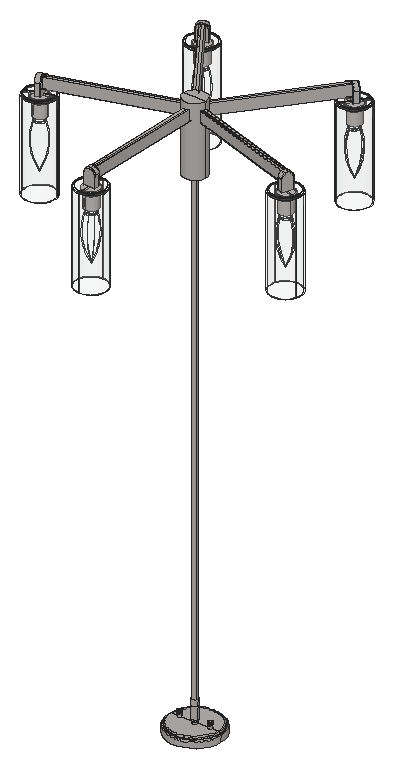
Revit family "Light_Fixture-Chandelier-KOHLER-Crue-K-35878", category Lighting Fixtures, host Face, Revit 2024 (continued)
Definition of nested family "K-35878_Tube"
  Lines and regions (in)
    symbolic lines, detail levels medium+fine
      curve 259: line (0, -1.26226, 1.25267) -> (0, -1.26226, 1.09792)
      curve 260: line (0, -1.24135, 1.2239) -> (0, -1.24135, 1.1267)
      curve 261: line (0, -1.23668, 1.2239) -> (0, -1.23668, 1.1267)
      curve 262: line (0, -1.21848, 1.2239) -> (0, -1.21848, 1.1267)
      curve 263: line (0, -1.21553, 1.1267) -> (0, -1.21553, 1.2239)
      curve 264: line (0, -1.20053, 1.2239) -> (0, -1.20053, 1.1267)
      curve 265: line (0, -1.18873, 1.22098) -> (0, -1.18873, 1.12962)
      curve 266: arc (0, -1.36246, 1.2239) -> (0, -1.36658, 1.2404) -> (0, -1.37795, 1.25303) r 0.03514
      curve 267: arc (0, -1.35841, 1.2239) -> (0, -1.35524, 1.2402) -> (0, -1.3462, 1.25412) r 0.04351
      curve 268: arc (0, -1.32939, 1.2239) -> (0, -1.33388, 1.24119) -> (0, -1.3462, 1.25412) r 0.03558
      curve 269: arc (0, -1.32423, 1.2239) -> (0, -1.32207, 1.24031) -> (0, -1.31574, 1.25559) r 0.06339
      curve 270: arc (0, -1.29619, 1.2239) -> (0, -1.30147, 1.24252) -> (0, -1.31574, 1.25559) r 0.03547
      curve 271: arc (0, -1.293, 1.2239) -> (0, -1.29158, 1.24008) -> (0, -1.28738, 1.25577) r 0.09318
      curve 272: arc (0, -1.26693, 1.2239) -> (0, -1.27248, 1.24283) -> (0, -1.28738, 1.25577) r 0.03506
      curve 273: arc (0, -1.24135, 1.2239) -> (0, -1.24713, 1.24168) -> (0, -1.26226, 1.25267) r 0.03025
      curve 274: arc (0, -1.23668, 1.2239) -> (0, -1.23808, 1.2399) -> (0, -1.24224, 1.25541) r 0.09212
      curve 275: arc (0, -1.24224, 1.25541) -> (0, -1.22509, 1.24363) -> (0, -1.21848, 1.2239) r 0.03277
      curve 276: arc (0, -1.21553, 1.2239) -> (0, -1.2176, 1.2396) -> (0, -1.22366, 1.25422) r 0.06064
      curve 277: arc (0, -1.20053, 1.2239) -> (0, -1.20697, 1.24297) -> (0, -1.22366, 1.25422) r 0.03144
      curve 278: arc (0, -1.20053, 1.2239) -> (0, -1.20276, 1.24083) -> (0, -1.20929, 1.2566) r 0.0654
      curve 279: arc (0, -1.18873, 1.22098) -> (0, -1.19297, 1.24228) -> (0, -1.20929, 1.2566) r 0.03379
      curve 280: arc (0, -1.36246, 1.1267) -> (0, -1.36658, 1.1102) -> (0, -1.37795, 1.09756) r 0.03514
      curve 281: arc (0, -1.35841, 1.1267) -> (0, -1.35524, 1.1104) -> (0, -1.3462, 1.09647) r 0.04351
      curve 282: arc (0, -1.32939, 1.1267) -> (0, -1.33388, 1.1094) -> (0, -1.3462, 1.09647) r 0.03558
      curve 283: arc (0, -1.32423, 1.1267) -> (0, -1.32207, 1.11029) -> (0, -1.31574, 1.095) r 0.06339
      curve 284: arc (0, -1.29619, 1.1267) -> (0, -1.30147, 1.10808) -> (0, -1.31574, 1.095) r 0.03547
      curve 285: arc (0, -1.293, 1.1267) -> (0, -1.29158, 1.11051) -> (0, -1.28738, 1.09483) r 0.09318
      curve 286: arc (0, -1.26693, 1.1267) -> (0, -1.27248, 1.10776) -> (0, -1.28738, 1.09483) r 0.03506
      curve 287: arc (0, -1.24135, 1.1267) -> (0, -1.24713, 1.10891) -> (0, -1.26226, 1.09792) r 0.03025
      curve 288: arc (0, -1.23668, 1.1267) -> (0, -1.23808, 1.1107) -> (0, -1.24224, 1.09519) r 0.09212
      curve 289: arc (0, -1.24224, 1.09519) -> (0, -1.22509, 1.10697) -> (0, -1.21848, 1.1267) r 0.03277
      curve 290: arc (0, -1.21553, 1.1267) -> (0, -1.2176, 1.111) -> (0, -1.22366, 1.09637) r 0.06064
      curve 291: arc (0, -1.20053, 1.1267) -> (0, -1.20697, 1.10763) -> (0, -1.22366, 1.09637) r 0.03144
      curve 292: arc (0, -1.20053, 1.1267) -> (0, -1.20276, 1.10977) -> (0, -1.20929, 1.09399) r 0.0654
      curve 293: arc (0, -1.18873, 1.12962) -> (0, -1.19297, 1.10831) -> (0, -1.20929, 1.09399) r 0.03379
      curve 294: line (0, 0.18701, 0.93946) -> (0, -0.1866, 0.93946)
  Dimensions and locks (in)
    plane 6 to plane 5 = 4.72441"
    plane 7 to plane 8 = 4.72441"
    plane 9 to level = 0.7874"  (x2)
    plane 10 to level = 2.67717"  (x2)
    "Tube Height": plane 12 to level
    aligned and locked: level to plane 2
    aligned and locked: plane 12 to Revolve 5 sketch curve
    aligned and locked: Masking region 1 sketch curve to Masking region 1 sketch curve
    aligned and locked: Revolve 5 to Masking region 1 sketch curve
  Automatic sketch dimensions
    curve 115 to plane 6 = 0"
    curve 119 to plane 9 = 0"
    curve 238 to plane 17 = 0"
    curve 266 to plane 17 = 0"
    curve 118 to plane 9 = 0"
    curve 123 to plane 10 = 0"
    curve 117 to plane 9 = 0"
    curve 154 to plane 16 = 0"
    curve 140 to plane 16 = 0"
    curve 115 to plane 5 = 0"
    curve 223 to plane 17 = 0.18922"
    curve 237 to curve 229 = 0.01109"
    curve 223 to curve 243 = 0.01109"
    curve 243 to curve 222 = 0.00072"
    curve 222 to curve 221 = 0.015"
    curve 221 to curve 220 = 0.00295"
    curve 220 to curve 237 = 0.00374"
    curve 220 to curve 251 = 0.00374"
    curve 251 to curve 249 = 0.00975"
    curve 237 to curve 235 = 0.00975"
    curve 249 to curve 219 = 0.00471"
    curve 219 to curve 218 = 0.00467"
    curve 218 to curve 247 = 0.0099"
    curve 218 to curve 233 = 0.0099"
    curve 247 to curve 241 = 0.00958"
    curve 233 to curve 227 = 0.00958"
    curve 227 to curve 217 = 0.00142"
    curve 241 to curve 250 = 0.0051"
    curve 227 to curve 236 = 0.0051"
    curve 250 to curve 216 = 0.00099"
    curve 216 to curve 245 = 0.00468"
    curve 216 to curve 231 = 0.00468"
    curve 231 to curve 234 = 0.00457"
    curve 245 to curve 248 = 0.00457"
    curve 248 to curve 215 = 0.01682"
    curve 215 to curve 214 = 0.0032"
    curve 214 to curve 244 = 0.0058"
    curve 214 to curve 230 = 0.0058"
    curve 244 to curve 239 = 0.01291"
    curve 230 to curve 225 = 0.01291"
    curve 239 to curve 213 = 0.00933"
    curve 213 to curve 246 = 0.00457"
    curve 213 to curve 232 = 0.00457"
    curve 246 to curve 212 = 0.00059"
    curve 212 to curve 242 = 0.00228"
    curve 226 to curve 228 = 0.00228"
    curve 280 to plane 17 = 0.01965"
    curve 266 to plane 17 = 0.01965"
    curve 266 to curve 211 = 0.00011"
    curve 211 to curve 210 = 0.00405"
    curve 210 to curve 240 = 0.00251"
    curve 210 to curve 226 = 0.00251"
    plane 17 to curve 268 = 0.01298"
    plane 17 to curve 282 = 0.01298"
    curve 268 to curve 252 = 0.00251"
    curve 266 to curve 253 = 0.00405"
    curve 253 to curve 224 = 0.00011"
    curve 281 to curve 238 = 0.00011"
    curve 224 to curve 270 = 0.02664"
    curve 238 to curve 284 = 0.02664"
    curve 284 to curve 254 = 0.00228"
    curve 254 to curve 274 = 0.00059"
    curve 282 to curve 288 = 0.00059"
    curve 288 to curve 255 = 0.00457"
    curve 283 to curve 281 = 0.00933"
    curve 269 to curve 267 = 0.00933"
    curve 281 to curve 286 = 0.01291"
    curve 267 to curve 272 = 0.01291"
    curve 286 to curve 256 = 0.0058"
    curve 256 to curve 257 = 0.0032"
    curve 257 to curve 276 = 0.01682"
    curve 285 to curve 290 = 0.01682"
    curve 290 to curve 287 = 0.00457"
    curve 276 to curve 273 = 0.00457"
    curve 273 to curve 258 = 0.00468"
    curve 258 to curve 278 = 0.00099"
    curve 286 to curve 292 = 0.00099"
    curve 292 to curve 259 = 0.00368"
    curve 278 to curve 269 = 0.0051"
    curve 292 to curve 283 = 0.0051"
    curve 283 to curve 289 = 0.00958"
    curve 269 to curve 275 = 0.00958"
    curve 275 to curve 260 = 0.0099"
    curve 260 to curve 261 = 0.00467"
    curve 261 to curve 277 = 0.00471"
    curve 288 to curve 291 = 0.00471"
    curve 277 to curve 279 = 0.00975"
    curve 291 to curve 293 = 0.00975"
    curve 293 to curve 262 = 0.00374"
    curve 289 to curve 263 = 0.00295"
    curve 263 to curve 264 = 0.015"
    curve 264 to curve 271 = 0.00072"
    curve 292 to curve 285 = 0.00072"
    curve 285 to curve 265 = 0.01109"
    plane 16 to curve 181 = 0.18922"
    curve 209 to curve 201 = 0.01109"
    curve 181 to curve 187 = 0.01109"
    curve 187 to curve 180 = 0.00072"
    curve 180 to curve 179 = 0.015"
    curve 179 to curve 178 = 0.00295"
    curve 178 to curve 195 = 0.00374"
    curve 178 to curve 209 = 0.00374"
    curve 195 to curve 193 = 0.00975"
    curve 209 to curve 207 = 0.00975"
    curve 193 to curve 177 = 0.00471"
    curve 177 to curve 176 = 0.00467"
    curve 189 to curve 191 = 0.0099"
    curve 176 to curve 205 = 0.0099"
    curve 191 to curve 185 = 0.00958"
    curve 205 to curve 199 = 0.00958"
    curve 199 to curve 175 = 0.00142"
    curve 185 to curve 194 = 0.0051"
    curve 199 to curve 208 = 0.0051"
    curve 208 to curve 174 = 0.00099"
    curve 174 to curve 189 = 0.00468"
    curve 174 to curve 203 = 0.00468"
    curve 189 to curve 192 = 0.00457"
    curve 203 to curve 206 = 0.00457"
    curve 192 to curve 173 = 0.01682"
    curve 173 to curve 172 = 0.0032"
    curve 172 to curve 188 = 0.0058"
    curve 172 to curve 202 = 0.0058"
    curve 202 to curve 197 = 0.01291"
    curve 188 to curve 183 = 0.01291"
    curve 183 to curve 171 = 0.00933"
    curve 171 to curve 204 = 0.00457"
    curve 171 to curve 190 = 0.00457"
    curve 204 to curve 170 = 0.00059"
    curve 170 to curve 186 = 0.00228"
    curve 170 to curve 200 = 0.00228"
    plane 16 to curve 140 = 0.01965"
    plane 16 to curve 154 = 0.01965"
    curve 140 to curve 169 = 0.00011"
    curve 169 to curve 168 = 0.00405"
    curve 168 to curve 198 = 0.00251"
    curve 168 to curve 184 = 0.00251"
    curve 142 to plane 16 = 0.01298"
    curve 156 to plane 16 = 0.01298"
    curve 142 to curve 126 = 0.00251"
    curve 154 to curve 127 = 0.00405"
    curve 155 to curve 196 = 0.00011"
    curve 127 to curve 182 = 0.00011"
    curve 182 to curve 144 = 0.02664"
    curve 196 to curve 158 = 0.02664"
    curve 144 to curve 128 = 0.00228"
    curve 156 to curve 162 = 0.00059"
    curve 128 to curve 148 = 0.00059"
    curve 162 to curve 129 = 0.00457"
    curve 129 to curve 141 = 0.00933"
    curve 157 to curve 155 = 0.00933"
    curve 155 to curve 160 = 0.01291"
    curve 141 to curve 146 = 0.01291"
    curve 146 to curve 130 = 0.0058"
    curve 158 to curve 131 = 0.0032"
    curve 159 to curve 164 = 0.01682"
    curve 145 to curve 150 = 0.01682"
    curve 164 to curve 161 = 0.00457"
    curve 150 to curve 147 = 0.00457"
    curve 161 to curve 132 = 0.00468"
    curve 160 to curve 166 = 0.00099"
    curve 132 to curve 152 = 0.00099"
    curve 152 to curve 133 = 0.00368"
    curve 166 to curve 157 = 0.0051"
    curve 152 to curve 143 = 0.0051"
    curve 143 to curve 149 = 0.00958"
    curve 157 to curve 163 = 0.00958"
    curve 163 to curve 134 = 0.0099"
    curve 134 to curve 135 = 0.00467"
    curve 162 to curve 165 = 0.00471"
    curve 135 to curve 151 = 0.00471"
    curve 151 to curve 153 = 0.00975"
    curve 165 to curve 167 = 0.00975"
    curve 167 to curve 136 = 0.00374"
    curve 163 to curve 137 = 0.00295"
    curve 137 to curve 138 = 0.015"
    curve 165 to curve 159 = 0.00072"
    curve 138 to curve 145 = 0.00072"
    curve 145 to curve 139 = 0.01109"
    plane 9 to curve 175 = 0.31052"
    plane 9 to curve 217 = 0.31052"
    curve 259 to curve 245 = 0.02877"
    curve 133 to curve 203 = 0.02877"
    curve 209 to curve 203 = 0.00149"
    curve 293 to curve 287 = 0.00149"
    curve 167 to curve 161 = 0.00149"
    curve 251 to curve 245 = 0.00149"
    curve 255 to curve 287 = 0"
    curve 254 to curve 255 = 0"  (x2)
    curve 282 to curve 253 = 0"
    curve 282 to curve 252 = 0"
    curve 167 to curve 137 = 0.00149"
    curve 281 to curve 256 = 0"
    curve 136 to curve 137 = 0"
    curve 250 to curve 245 = 0"
    curve 284 to curve 257 = 0"
    curve 203 to curve 154 = 0"
    curve 287 to curve 258 = 0"
    curve 155 to curve 164 = 0"
    curve 156 to curve 126 = 0"
    curve 287 to curve 261 = 0"
    curve 157 to curve 163 = 0"
    curve 283 to curve 289 = 0"
    curve 158 to curve 128 = 0"
    curve 161 to curve 135 = 0"
    curve 164 to curve 159 = 0"
    curve 160 to curve 130 = 0"
    curve 289 to curve 263 = 0"
    curve 264 to curve 285 = 0"
    curve 160 to curve 166 = 0"
    curve 154 to curve 169 = 0"
    curve 197 to curve 171 = 0"
    curve 245 to curve 248 = 0"
    curve 172 to curve 197 = 0"
    curve 173 to curve 200 = 0"
    curve 174 to curve 203 = 0"
    curve 218 to curve 247 = 0"
    curve 246 to curve 280 = 0"
    curve 177 to curve 203 = 0"
    curve 209 to curve 178 = 0.00149"
    curve 179 to curve 205 = 0"
    curve 201 to curve 180 = 0"
    curve 248 to curve 244 = 0"
    curve 243 to curve 249 = 0"
    curve 246 to curve 242 = 0"
    curve 241 to curve 250 = 0"
    curve 210 to curve 240 = 0"
    curve 239 to curve 241 = 0"
    curve 168 to curve 198 = 0"
    curve 201 to curve 181 = 0.00292"
    curve 285 to curve 265 = 0.00292"
    curve 159 to curve 139 = 0.00292"
    curve 243 to curve 223 = 0.00292"
    curve 181 to curve 181 = 0.09136"
    curve 265 to curve 265 = 0.09136"
    curve 139 to curve 139 = 0.09136"
    curve 223 to curve 223 = 0.09136"
    curve 240 to curve 212 = 0.0972"
    curve 131 to curve 131 = 0.0972"
    curve 213 to curve 212 = 0"
    curve 214 to curve 227 = 0"
    curve 181 to curve 191 = 0.00292"
    curve 215 to curve 214 = 0"
    curve 145 to curve 132 = 0"
    curve 227 to curve 216 = 0"
    curve 132 to curve 134 = 0"
    curve 191 to curve 190 = 0"
    curve 218 to curve 227 = 0"
    curve 134 to curve 135 = 0"
    curve 219 to curve 218 = 0"
    curve 220 to curve 219 = 0"
    curve 191 to curve 189 = 0"
    curve 135 to curve 136 = 0"
    curve 221 to curve 233 = 0"
    curve 229 to curve 222 = 0"
    curve 189 to curve 192 = 0"
    curve 194 to curve 189 = 0"
    curve 226 to curve 224 = 0"
    curve 149 to curve 137 = 0"
    curve 225 to curve 227 = 0"
    curve 138 to curve 145 = 0"
    curve 190 to curve 140 = 0"
    curve 141 to curve 146 = 0"
    curve 142 to curve 126 = 0"
    curve 152 to curve 143 = 0"
    curve 144 to curve 142 = 0"
    curve 192 to curve 188 = 0"
    curve 187 to curve 180 = 0"
    curve 190 to curve 186 = 0"
    curve 185 to curve 194 = 0"
    curve 168 to curve 184 = 0"
    curve 183 to curve 185 = 0"
    curve 265 to curve 278 = 0.00292"
    curve 253 to curve 224 = 0"
    curve 254 to curve 267 = 0"
    curve 276 to curve 278 = 0"
    curve 267 to curve 256 = 0"
    curve 256 to curve 257 = 0"
    curve 258 to curve 278 = 0"
    curve 269 to curve 275 = 0"
    curve 260 to curve 277 = 0"
    curve 260 to curve 261 = 0"
    curve 149 to curve 153 = 0.00149"
    curve 178 to curve 195 = 0.00149"
    curve 220 to curve 237 = 0.00149"
    curve 275 to curve 279 = 0.00149"
    curve 114 to plane 6 = 0.05906"
    curve 116 to plane 9 = 0.05906"
    curve 116 to plane 15 = 0.19551"
    curve 119 to plane 17 = 0.15965"
    curve 119 to curve 122 = 0.00973"
    plane 17 to curve 119 = 0.13492"
    curve 119 to curve 122 = 0.01647"
    plane 1 "Light Source Axis (F/B)" to curve 125 = 0.25618"
    curve 124 to curve 125 = 0"
    plane 1 "Light Source Axis (F/B)" to curve 118 = 0.23622"
    curve 118 to curve 120 = 0.04921"
    curve 120 to curve 294 = 0.00041"
    plane 1 "Light Source Axis (F/B)" to curve 123 = 0.18403"
    curve 123 to plane 1 "Light Source Axis (F/B)" = 0.18403"
    curve 294 to plane 1 "Light Source Axis (F/B)" = 0.18701"
    plane 9 to curve 120 = 0.03937"
    curve 120 to curve 294 = 0"
    curve 120 to curve 118 = 0.04921"
    curve 124 to plane 1 "Light Source Axis (F/B)" = 0.24606"
    curve 124 to curve 125 = 0.01005"
    plane 16 to curve 117 = 0.18395"
    curve 117 to curve 121 = 0.03255"
    curve 117 to plane 16 = 0.13492"
    curve 117 to curve 121 = 0.01647"
    curve 116 to plane 14 = 0.19551"
    curve 114 to plane 5 = 0.05906"
    curve 114 to curve 116 = 0.1378"
    curve 115 to curve 114 = 0.05906"
    plane 9 to curve 122 = 0.02286"
    plane 9 to curve 121 = 0.02286"
    curve 120 to curve 294 = 0.11269"
    curve 125 to plane 10 = 0.47244"
    curve 125 to curve 124 = 0.03183"
    curve 15 to curve 68 = 0"  (x2)
    curve 2 to plane 7 = 0"
    curve 20 to plane 10 = 0"
    curve 4 to plane 9 = 0"
    curve 111 to plane 3 "Light Source Axis (L/R)" = 0"
    curve 90 to plane 3 "Light Source Axis (L/R)" = 0"
    plane 8 to curve 2 = 0"
    plane 9 to curve 8 = 0.13388"
    curve 8 to plane 3 "Light Source Axis (L/R)" = 0.4944"
    curve 7 to plane 3 "Light Source Axis (L/R)" = 0.19625"
    curve 26 to curve 23 = 0.0099"
    curve 10 to curve 10 = 0.01575"
    curve 23 to curve 40 = 0.01259"
    curve 40 to curve 24 = 0.00308"
    curve 24 to curve 11 = 0.00748"
    curve 24 to curve 26 = 0.00949"
    curve 11 to curve 25 = 0.00834"
    plane 9 to curve 113 = 0.01699"
    curve 113 to plane 3 "Light Source Axis (L/R)" = 0.15195"
    curve 30 to curve 41 = 0.00308"
    curve 41 to curve 27 = 0.00758"
    curve 41 to curve 31 = 0.00758"
    curve 27 to curve 42 = 0.00379"
    curve 9 to curve 9 = 0.01219"
    curve 42 to curve 35 = 0.00121"
    curve 35 to curve 33 = 0.00039"
    curve 37 to curve 29 = 0.00039"
    curve 29 to curve 47 = 0.00606"
    curve 47 to curve 32 = 0.01666"
    curve 56 to curve 28 = 0.01666"
    curve 28 to curve 46 = 0.00133"
    curve 32 to curve 38 = 0.00643"
    curve 28 to curve 36 = 0.00643"
    curve 38 to curve 50 = 0.00119"
    curve 49 to curve 56 = 0.0056"
    curve 61 to curve 60 = 0.0056"
    curve 60 to curve 63 = 0.0088"
    curve 56 to curve 44 = 0.0088"
    curve 63 to curve 48 = 0.00414"
    curve 63 to curve 51 = 0.0084"
    curve 45 to curve 37 = 0.00413"
    curve 62 to curve 39 = 0.00413"
    curve 39 to curve 61 = 0.00289"
    curve 37 to curve 49 = 0.00289"
    curve 61 to curve 34 = 0.00088"
    curve 49 to curve 30 = 0.00088"
    curve 30 to curve 45 = 0.01902"
    curve 61 to curve 62 = 0.0199"
    curve 48 to curve 59 = 0.03145"
    curve 45 to curve 52 = 0.00349"
    curve 44 to curve 58 = 0.00101"
    curve 52 to curve 64 = 0.00101"
    curve 64 to curve 53 = 0.00182"
    curve 65 to curve 111 = 0.01544"
    curve 57 to plane 3 "Light Source Axis (L/R)" = 0.02432"
    curve 57 to curve 90 = 0.0017"
    curve 111 to curve 54 = 0.01724"
    curve 54 to curve 55 = 0.00401"
    curve 66 to curve 65 = 0.0059"
    plane 3 "Light Source Axis (L/R)" to curve 110 = 0.00985"
    curve 110 to curve 102 = 0.0059"
    curve 102 to curve 101 = 0.00401"
    curve 101 to curve 112 = 0.00053"
    curve 112 to curve 43 = 0.00233"
    curve 101 to curve 66 = 0.01724"
    curve 66 to curve 100 = 0.01544"
    curve 110 to curve 109 = 0.00182"
    curve 100 to curve 104 = 0.00182"
    curve 109 to curve 99 = 0.00101"
    curve 108 to curve 107 = 0.00349"
    curve 99 to curve 92 = 0.00349"
    curve 107 to curve 81 = 0.01902"
    curve 92 to curve 77 = 0.01902"
    curve 81 to curve 106 = 0.00088"
    curve 77 to curve 96 = 0.00088"
    curve 106 to curve 86 = 0.00289"
    curve 96 to curve 84 = 0.00289"
    curve 84 to curve 98 = 0.00413"
    curve 92 to curve 95 = 0.00426"
    curve 98 to curve 91 = 0.0084"
    curve 107 to curve 108 = 0.0084"
    curve 108 to curve 105 = 0.0088"
    curve 91 to curve 103 = 0.0088"
    curve 103 to curve 97 = 0.0056"
    curve 106 to curve 85 = 0.00119"
    curve 96 to curve 83 = 0.00119"
    curve 95 to curve 93 = 0.02483"
    curve 97 to curve 75 = 0.00762"
    curve 106 to curve 79 = 0.00762"
    curve 75 to curve 94 = 0.01666"
    curve 94 to curve 76 = 0.00606"
    curve 105 to curve 80 = 0.00606"
    curve 76 to curve 82 = 0.00039"
    plane 9 to curve 14 = 0.01283"
    plane 3 "Light Source Axis (L/R)" to curve 14 = 0.13975"
    curve 82 to curve 89 = 0.00121"
    curve 89 to curve 74 = 0.00379"
    curve 86 to curve 78 = 0.00501"
    curve 78 to curve 88 = 0.00758"
    curve 14 to curve 113 = 0.01219"
    curve 83 to curve 72 = 0.00308"
    curve 72 to curve 73 = 0.00632"
    curve 72 to curve 69 = 0.00834"
    curve 69 to curve 16 = 0.00154"
    curve 16 to curve 71 = 0.00594"
    curve 80 to curve 87 = 0.00308"
    curve 87 to curve 15 = 0.00674"
    curve 6 to curve 68 = 0"
    curve 87 to curve 70 = 0.01259"
    curve 70 to curve 67 = 0.0099"
    plane 9 to curve 13 = 0.13388"
    curve 93 to curve 69 = 0.04082"
    curve 46 to curve 105 = 0.02741"
    curve 46 to curve 48 = 0.00144"
    curve 93 to curve 95 = 0.00144"
    curve 95 to curve 107 = 0.01617"
    curve 48 to curve 62 = 0.01617"
    curve 107 to curve 99 = 0.00361"
    curve 62 to curve 52 = 0.00361"
    curve 98 to curve 105 = 0.00581"
    curve 51 to curve 60 = 0.00581"
    curve 52 to curve 54 = 0.0004"
    curve 99 to curve 101 = 0.0004"
    curve 51 to curve 63 = 0.00011"
    curve 107 to curve 108 = 0.00011"
    curve 54 to curve 65 = 0.00579"
    curve 101 to curve 110 = 0.00579"
    curve 47 to curve 60 = 0"
    curve 98 to curve 106 = 0.00757"
    curve 62 to curve 61 = 0.00757"
    curve 65 to curve 111 = 0.0029"
    curve 60 to curve 40 = 0.00369"
    curve 60 to curve 41 = 0.00369"
    curve 105 to curve 80 = 0.00369"
    curve 106 to curve 81 = 0.00193"
    curve 79 to curve 106 = 0.00085"
    curve 23 to curve 32 = 0"
    curve 61 to curve 39 = 0.00193"
    curve 82 to curve 80 = 0"
    curve 13 to curve 70 = 0.00793"
    curve 88 to curve 72 = 0"
    curve 24 to curve 40 = 0"
    curve 25 to curve 38 = 0"
    curve 33 to curve 35 = 0"
    curve 86 to curve 78 = 0.00716"
    curve 61 to curve 38 = 0.00631"
    curve 39 to curve 31 = 0.00716"
    curve 106 to curve 85 = 0.00631"
    curve 24 to curve 11 = 0.00971"
    curve 11 to curve 27 = 0.08026"
    curve 36 to curve 27 = 0"
    curve 85 to curve 83 = 0.08281"
    curve 74 to curve 83 = 0"
    curve 74 to curve 73 = 0.00476"
    curve 27 to curve 26 = 0.00476"
    curve 36 to curve 90 = 0.00553"
    curve 43 to curve 90 = 0"
    curve 36 to curve 50 = 0.00634"
    curve 83 to curve 97 = 0.00634"
    curve 90 to curve 55 = 0.0014"
    curve 49 to curve 37 = 0.00082"
    curve 26 to curve 24 = 0.0024"
    curve 23 to curve 29 = 0"
    curve 26 to curve 25 = 0.0024"
    curve 73 to curve 87 = 0.0024"
    curve 73 to curve 88 = 0.0024"
    curve 50 to curve 28 = 0.00082"
    curve 70 to curve 87 = 0"
    curve 71 to curve 75 = 0"
    curve 96 to curve 84 = 0.00082"
    curve 72 to curve 83 = 0"
    curve 82 to curve 76 = 0"
    curve 41 to curve 30 = 0"
    curve 37 to curve 44 = 0.00073"
    curve 84 to curve 91 = 0.00073"
    curve 77 to curve 104 = 0.00081"
    curve 112 to curve 101 = 0"
    curve 90 to curve 54 = 0.00244"
    curve 49 to curve 56 = 0.00164"
    curve 97 to curve 103 = 0.00164"
    curve 90 to curve 57 = 0.00244"
    curve 84 to curve 98 = 0.00083"
    curve 37 to curve 51 = 0.00083"
    curve 58 to curve 52 = 0.0004"
    curve 104 to curve 99 = 0.0004"
    curve 77 to curve 96 = 0.00196"
    curve 30 to curve 49 = 0.00196"
    curve 99 to curve 92 = 0.00361"
    curve 52 to curve 45 = 0.00361"
    curve 89 to curve 15 = 0.01748"
    curve 45 to curve 59 = 0.01702"
    plane 7 to curve 1 = 0.05906"
    curve 3 to plane 9 = 0.05906"
    curve 1 to curve 3 = 0.13872"
    curve 22 to plane 3 "Light Source Axis (L/R)" = 0.24606"
    curve 21 to curve 22 = 0"  (x2)
    curve 20 to plane 3 "Light Source Axis (L/R)" = 0.23965"
    curve 4 to curve 9 = 0.08427"
    curve 5 to curve 8 = 0.03509"
    curve 5 to curve 18 = 0.00003"
    curve 10 to curve 26 = 0.00506"
    curve 8 to curve 5 = 0.00688"
    curve 18 to curve 18 = 0.05386"
    curve 59 to curve 57 = 0"
    plane 3 "Light Source Axis (L/R)" to curve 19 = 0.13315"
    curve 17 to curve 113 = 0.00688"
    curve 73 to curve 15 = 0.00506"
    curve 19 to curve 19 = 0.0539"
    curve 113 to curve 17 = 0.03509"
    curve 17 to curve 4 = 0.04918"
    plane 3 "Light Source Axis (L/R)" to curve 20 = 0.23965"
    plane 3 "Light Source Axis (L/R)" to curve 22 = 0.25861"
    plane 8 to curve 3 = 0.19777"
    plane 8 to curve 1 = 0.05906"
    curve 1 to curve 3 = 0.13756"
    curve 2 to curve 1 = 0.05906"
    curve 22 to plane 10 = 0.47244"
    curve 22 to curve 21 = 0.0315"
    Revolve 1 sketch curve to level = 0"
    Revolve 1 sketch curve to plane 1 "Light Source Axis (F/B)" = 0"  (x3)
    Revolve 1 sketch curve to plane 9 = 0"
    Revolve 1 sketch curve to plane 10 = 0"
    Revolve 1 sketch curve to plane 5 = 0"
    Revolve 1 sketch curve to plane 1 "Light Source Axis (F/B)" = 0.14991"
    Revolve 1 sketch curve to Revolve 1 sketch curve = 0.18701"
    Revolve 1 sketch curve to Revolve 1 sketch curve = 0.0371"
    Revolve 1 sketch curve to Revolve 1 sketch curve = 0.04921"
    Revolve 1 sketch curve to plane 1 "Light Source Axis (F/B)" = 0.24606"
    Revolve 1 sketch curve to Revolve 1 sketch curve = 0.14537"
    Revolve 1 sketch curve to plane 1 "Light Source Axis (F/B)" = 0.29528"
    Revolve 1 sketch curve to plane 9 = 0.05906"
    Revolve 1 sketch curve to plane 14 = 0.1378"
    Revolve 1 sketch curve to Revolve 1 sketch curve = 0.03937"
    Revolve 1 sketch curve to plane 5 = 0.05906"
    Revolve 1 sketch curve to Revolve 1 sketch curve = 0.19685"
    plane 9 to Revolve 1 sketch curve = 0.15464"
    Revolve 1 sketch curve to plane 10 = 0.47244"
    Revolve 1 sketch curve to Revolve 1 sketch curve = 0.0315"
    Revolve 1 sketch curve to level = 0.17798"
    Revolve 1 sketch curve to Revolve 1 sketch curve = 0.69163"
    Revolve 2 sketch curve to plane 9 = 0"
    Revolve 2 sketch curve to plane 16 = 0"  (x2)
    Revolve 2 sketch curve to Revolve 2 sketch curve = 0.134"
    Revolve 2 sketch curve to Revolve 2 sketch curve = 0.19631"
    plane 14 to Revolve 2 sketch curve = 0.10934"
    plane 9 to Revolve 2 sketch curve = 0.01728"
    plane 9 to Revolve 2 sketch curve = 0.13773"
    Revolve 2 sketch curve to Revolve 2 sketch curve = 0.31848"
    Revolve 2 sketch curve to Revolve 2 sketch curve = 0.1305"
    Revolve 2 sketch curve to Revolve 2 sketch curve = 27/256"
    Revolve 2 sketch curve to Revolve 2 sketch curve = 0.08269"
    Extrusion 3 sketch curve to plane 9 = 0"
    plane 1 "Light Source Axis (F/B)" to Extrusion 3 sketch curve = 0.18701"
    Extrusion 3 sketch curve to plane 1 "Light Source Axis (F/B)" = 0.18701"
    plane 9 to Extrusion 3 sketch curve = 0.4696"
    Revolve 4 sketch curve to plane 1 "Light Source Axis (F/B)" = 0"  (x2)
    Revolve 4 sketch curve to plane 9 = 0"
    plane 9 to Revolve 4 sketch curve = 0.03937"
    Revolve 4 sketch curve to plane 1 "Light Source Axis (F/B)" = 0.18701"
    Revolve 4 sketch curve to Revolve 4 sketch curve = 0.04921"
    Revolve 4 sketch curve to Revolve 4 sketch curve = 0.43023"
    Revolve 4 sketch curve to Revolve 4 sketch curve = 0.04544"
    Revolve 4 sketch curve to Revolve 4 sketch curve = 0.03475"
    Revolve 5 sketch curve to plane 1 "Light Source Axis (F/B)" = 0"  (x2)
    Revolve 5 sketch curve to plane 10 = 0"
    Revolve 5 sketch curve to plane 1 "Light Source Axis (F/B)" = 0.18403"
    Revolve 5 sketch curve to plane 10 = 27/256"
    Revolve 5 sketch curve to Revolve 5 sketch curve = 0.05113"
    Masking region 1 sketch curve to level = 0"
    Masking region 1 sketch curve to plane 7 = 0"
    Masking region 1 sketch curve to plane 9 = 0"  (x2)
    Masking region 1 sketch curve to plane 10 = 0"  (x2)
    Masking region 1 sketch curve to plane 3 "Light Source Axis (L/R)" = 0"  (x2)
    plane 8 to Masking region 1 sketch curve = 0"
    plane 7 to Masking region 1 sketch curve = 0.05906"
    Masking region 1 sketch curve to Masking region 1 sketch curve = 0.09935"
    Masking region 1 sketch curve to Masking region 1 sketch curve = 0.03937"  (x2)
    Masking region 1 sketch curve to Masking region 1 sketch curve = 0.05906"
    Masking region 1 sketch curve to plane 3 "Light Source Axis (L/R)" = 0.29528"  (x2)
    Masking region 1 sketch curve to Masking region 1 sketch curve = 0.04921"
    plane 9 to Masking region 1 sketch curve = 0.03952"  (x2)
    Masking region 1 sketch curve to plane 3 "Light Source Axis (L/R)" = 0.23639"
    Masking region 1 sketch curve to Masking region 1 sketch curve = 0.04935"  (x2)
    Masking region 1 sketch curve to plane 3 "Light Source Axis (L/R)" = 0.18403"
    Masking region 1 sketch curve to Masking region 1 sketch curve = 0.03764"
    plane 3 "Light Source Axis (L/R)" to Masking region 1 sketch curve = 0.1494"
    plane 3 "Light Source Axis (L/R)" to Masking region 1 sketch curve = 0.18403"
    plane 3 "Light Source Axis (L/R)" to Masking region 1 sketch curve = 0.18704"
    plane 3 "Light Source Axis (L/R)" to Masking region 1 sketch curve = 0.24606"
    Masking region 1 sketch curve to Masking region 1 sketch curve = 0.11124"
    Masking region 1 sketch curve to Masking region 1 sketch curve = 0.14588"
    Masking region 1 sketch curve to plane 9 = 0.05906"
    plane 8 to Masking region 1 sketch curve = 0.25683"
    plane 8 to Masking region 1 sketch curve = 0.05906"
    Masking region 1 sketch curve to Masking region 1 sketch curve = 0.19661"  (x2)
    Masking region 1 sketch curve to Masking region 1 sketch curve = 0.11511"  (x2)
    Masking region 1 sketch curve to plane 10 = 0.47244"  (x2)
    Masking region 1 sketch curve to Masking region 1 sketch curve = 0.0315"  (x2)
    Masking region 2 sketch curve to plane 6 = 0"
    Masking region 2 sketch curve to plane 9 = 0"  (x4)
    Masking region 2 sketch curve to plane 17 = 0"
    Masking region 2 sketch curve to plane 10 = 0"  (x2)
    Masking region 2 sketch curve to plane 12 = 0"
    Masking region 2 sketch curve to level = 0"
    Masking region 2 sketch curve to plane 1 "Light Source Axis (F/B)" = 0"  (x2)
    Masking region 2 sketch curve to plane 16 = 0"
    Masking region 2 sketch curve to plane 5 = 0"
    Masking region 2 sketch curve to Masking region 2 sketch curve = 0.05906"  (x3)
    Masking region 2 sketch curve to Masking region 2 sketch curve = 0.09977"
    Masking region 2 sketch curve to Masking region 2 sketch curve = 0.03937"  (x2)
    plane 15 to Masking region 2 sketch curve = 0.09198"
    Masking region 2 sketch curve to plane 17 = 0.19703"
    Masking region 2 sketch curve to Masking region 2 sketch curve = 0.03172"  (x4)
    Masking region 2 sketch curve to plane 17 = 0.13492"
    Masking region 2 sketch curve to Masking region 2 sketch curve = 0.00015"  (x4)
    plane 9 to Masking region 2 sketch curve = 0.01748"  (x4)
    plane 17 to Masking region 2 sketch curve = 0.13477"
    plane 17 to Masking region 2 sketch curve = 0.16531"
    plane 9 to Masking region 2 sketch curve = 0.13528"  (x4)
    Masking region 2 sketch curve to Masking region 2 sketch curve = 0.30154"
    plane 1 "Light Source Axis (F/B)" to Masking region 2 sketch curve = 0.29528"
    Masking region 2 sketch curve to Masking region 2 sketch curve = 0"  (x2)
    Masking region 2 sketch curve to Masking region 2 sketch curve = 0.04921"  (x3)
    plane 9 to Masking region 2 sketch curve = 0.03937"  (x2)
    plane 1 "Light Source Axis (F/B)" to Masking region 2 sketch curve = 0.23622"
    Masking region 2 sketch curve to Masking region 2 sketch curve = 0.11124"  (x2)
    plane 1 "Light Source Axis (F/B)" to Masking region 2 sketch curve = 0.14297"
    Masking region 2 sketch curve to plane 1 "Light Source Axis (F/B)" = 0.13759"
    Masking region 2 sketch curve to Masking region 2 sketch curve = 0.18403"
    Masking region 2 sketch curve to plane 1 "Light Source Axis (F/B)" = 0.18701"
    Masking region 2 sketch curve to plane 1 "Light Source Axis (F/B)" = 0.24606"
    plane 16 to Masking region 2 sketch curve = 0.49857"
    plane 16 to Masking region 2 sketch curve = 0.19703"
    plane 16 to Masking region 2 sketch curve = 0.13492"
    Masking region 2 sketch curve to plane 16 = 0.13477"
    Masking region 2 sketch curve to plane 16 = 0.16531"
    plane 14 to Masking region 2 sketch curve = 0.09198"
    Masking region 2 sketch curve to plane 9 = 0.05906"
    Masking region 2 sketch curve to plane 14 = 0.13646"
    Masking region 2 sketch curve to plane 9 = 0.25591"
    Masking region 2 sketch curve to Masking region 2 sketch curve = 0.19685"
    Masking region 2 sketch curve to Masking region 2 sketch curve = 0.11281"  (x2)
    Masking region 2 sketch curve to Masking region 2 sketch curve = 0.31793"  (x4)
    Masking region 2 sketch curve to Masking region 2 sketch curve = 0.10044"  (x2)
    Masking region 2 sketch curve to plane 10 = 0.47244"  (x2)
    Masking region 2 sketch curve to Masking region 2 sketch curve = 0.03183"  (x2)
    Revolve 6 sketch curve to level = 0"
    Revolve 6 sketch curve to plane 1 "Light Source Axis (F/B)" = 0"  (x2)
    Revolve 6 sketch curve to plane 9 = 0"
    Revolve 6 sketch curve to plane 10 = 0"
    Revolve 6 sketch curve to plane 5 = 0"
    Revolve 6 sketch curve to plane 1 "Light Source Axis (F/B)" = 0.29528"
    Revolve 6 sketch curve to level = 0.7874"
    Revolve 6 sketch curve to Revolve 6 sketch curve = 0.19685"
    Revolve 7 sketch curve to plane 16 = 0"  (x2)
    Revolve 7 sketch curve to plane 16 = 0.19685"
    Revolve 7 sketch curve to plane 9 = 0.03863"
    plane 9 to Revolve 7 sketch curve = 0.47296"
    Revolve 7 sketch curve to Revolve 7 sketch curve = 0.16279"
    Revolve 7 sketch curve to Revolve 7 sketch curve = 0.10577"
    Revolve 8 sketch curve to plane 17 = 0"  (x2)
    Revolve 8 sketch curve to plane 9 = 0"  (x2)
    Revolve 8 sketch curve to Revolve 8 sketch curve = 0.19685"
    plane 9 to Revolve 8 sketch curve = 0.47296"
    level to Revolve 8 sketch curve = 0.09305"
    Extrusion 9 sketch curve to plane 3 "Light Source Axis (L/R)" = 0"
    Extrusion 9 sketch curve to plane 3 "Light Source Axis (L/R)" = 0.01207"
    plane 3 "Light Source Axis (L/R)" to Extrusion 9 sketch curve = 0.01207"
    Extrusion 9 sketch curve to plane 16 = 0.16744"
    Extrusion 9 sketch curve to Extrusion 9 sketch curve = 0.0285"
    Extrusion 9 sketch curve to Extrusion 9 sketch curve = 0"
    Extrusion 9 sketch curve to Extrusion 9 sketch curve = 0.057"
    plane 3 "Light Source Axis (L/R)" to Extrusion 10 sketch curve = 0.0424"
    Extrusion 10 sketch curve to plane 16 = 0.19167"
    Extrusion 10 sketch curve to Extrusion 10 sketch curve = 0.01207"
    Extrusion 10 sketch curve to Extrusion 10 sketch curve = 0.02414"
    Extrusion 10 sketch curve to Extrusion 10 sketch curve = 0"
    Extrusion 10 sketch curve to Extrusion 10 sketch curve = 0.0285"
    Extrusion 10 sketch curve to Extrusion 10 sketch curve = 0.057"
    plane 3 "Light Source Axis (L/R)" to Extrusion 11 sketch curve = 0.08951"
    Extrusion 11 sketch curve to plane 16 = 0.17471"
    Extrusion 11 sketch curve to Extrusion 11 sketch curve = 0.01207"
    Extrusion 11 sketch curve to Extrusion 11 sketch curve = 0.02414"
    Extrusion 11 sketch curve to Extrusion 11 sketch curve = 0"
    Extrusion 11 sketch curve to Extrusion 11 sketch curve = 0.0285"
    Extrusion 11 sketch curve to Extrusion 11 sketch curve = 0.057"
    plane 3 "Light Source Axis (L/R)" to Extrusion 12 sketch curve = 0.1342"
    Extrusion 12 sketch curve to plane 16 = 0.14327"
    Extrusion 12 sketch curve to Extrusion 12 sketch curve = 0.01207"
    Extrusion 12 sketch curve to Extrusion 12 sketch curve = 0.02414"
    Extrusion 12 sketch curve to Extrusion 12 sketch curve = 0"
    Extrusion 12 sketch curve to Extrusion 12 sketch curve = 0.0285"
    Extrusion 12 sketch curve to Extrusion 12 sketch curve = 0.057"
    Extrusion 13 sketch curve to plane 16 = 0.10502"
    plane 3 "Light Source Axis (L/R)" to Extrusion 13 sketch curve = 0.16585"
    Extrusion 13 sketch curve to Extrusion 13 sketch curve = 0.01207"
    Extrusion 13 sketch curve to Extrusion 13 sketch curve = 0.02414"
    Extrusion 13 sketch curve to Extrusion 13 sketch curve = 0"
    Extrusion 13 sketch curve to Extrusion 13 sketch curve = 0.0285"
    Extrusion 13 sketch curve to Extrusion 13 sketch curve = 0.057"
    Extrusion 14 sketch curve to plane 16 = 0.05524"
    plane 3 "Light Source Axis (L/R)" to Extrusion 14 sketch curve = 0.18838"
    Extrusion 14 sketch curve to Extrusion 14 sketch curve = 0.01207"
    Extrusion 14 sketch curve to Extrusion 14 sketch curve = 0.02414"
    Extrusion 14 sketch curve to Extrusion 14 sketch curve = 0"
    Extrusion 14 sketch curve to Extrusion 14 sketch curve = 0.0285"
    Extrusion 14 sketch curve to Extrusion 14 sketch curve = 0.057"
    Extrusion 15 sketch curve to plane 16 = 0.00579"
    plane 3 "Light Source Axis (L/R)" to Extrusion 15 sketch curve = 0.19622"
    Extrusion 15 sketch curve to Extrusion 15 sketch curve = 0.01207"
    Extrusion 15 sketch curve to Extrusion 15 sketch curve = 0.02414"
    Extrusion 15 sketch curve to Extrusion 15 sketch curve = 0"
    Extrusion 15 sketch curve to Extrusion 15 sketch curve = 0.0285"
    Extrusion 15 sketch curve to Extrusion 15 sketch curve = 0.057"
    plane 16 to Extrusion 16 sketch curve = 0.04852"
    plane 3 "Light Source Axis (L/R)" to Extrusion 16 sketch curve = 0.19022"
    Extrusion 16 sketch curve to Extrusion 16 sketch curve = 0.01207"
    Extrusion 16 sketch curve to Extrusion 16 sketch curve = 0.02414"
    Extrusion 16 sketch curve to Extrusion 16 sketch curve = 0"
    Extrusion 16 sketch curve to Extrusion 16 sketch curve = 0.0285"
    Extrusion 16 sketch curve to Extrusion 16 sketch curve = 0.057"
    plane 16 to Extrusion 17 sketch curve = 0.10617"
    plane 3 "Light Source Axis (L/R)" to Extrusion 17 sketch curve = 0.16512"
    Extrusion 17 sketch curve to Extrusion 17 sketch curve = 0.01207"
    Extrusion 17 sketch curve to Extrusion 17 sketch curve = 0.02414"
    Extrusion 17 sketch curve to Extrusion 17 sketch curve = 0"
    Extrusion 17 sketch curve to Extrusion 17 sketch curve = 0.0285"
    Extrusion 17 sketch curve to Extrusion 17 sketch curve = 0.057"
    plane 3 "Light Source Axis (L/R)" to Extrusion 18 sketch curve = 0.12946"
    plane 16 to Extrusion 18 sketch curve = 0.14757"
    Extrusion 18 sketch curve to Extrusion 18 sketch curve = 0.01207"
    Extrusion 18 sketch curve to Extrusion 18 sketch curve = 0.02414"
    Extrusion 18 sketch curve to Extrusion 18 sketch curve = 0"
    Extrusion 18 sketch curve to Extrusion 18 sketch curve = 0.0285"
    Extrusion 18 sketch curve to Extrusion 18 sketch curve = 0.057"
    plane 3 "Light Source Axis (L/R)" to Extrusion 19 sketch curve = 0.08792"
    plane 16 to Extrusion 19 sketch curve = 0.17552"
    Extrusion 19 sketch curve to Extrusion 19 sketch curve = 0.01207"
    Extrusion 19 sketch curve to Extrusion 19 sketch curve = 0.02414"
    Extrusion 19 sketch curve to Extrusion 19 sketch curve = 0"
    Extrusion 19 sketch curve to Extrusion 19 sketch curve = 0.0285"
    Extrusion 19 sketch curve to Extrusion 19 sketch curve = 0.057"
    plane 3 "Light Source Axis (L/R)" to Extrusion 20 sketch curve = 0.03613"
    plane 16 to Extrusion 20 sketch curve = 0.19296"
    Extrusion 20 sketch curve to Extrusion 20 sketch curve = 0.01207"
    Extrusion 20 sketch curve to Extrusion 20 sketch curve = 0.02414"
    Extrusion 20 sketch curve to Extrusion 20 sketch curve = 0"
    Extrusion 20 sketch curve to Extrusion 20 sketch curve = 0.0285"
    Extrusion 20 sketch curve to Extrusion 20 sketch curve = 0.057"
    Extrusion 21 sketch curve to plane 3 "Light Source Axis (L/R)" = 0.01343"
    plane 16 to Extrusion 21 sketch curve = 0.19585"
    Extrusion 21 sketch curve to Extrusion 21 sketch curve = 0.01207"
    Extrusion 21 sketch curve to Extrusion 21 sketch curve = 0.02414"
    Extrusion 21 sketch curve to Extrusion 21 sketch curve = 0"
    Extrusion 21 sketch curve to Extrusion 21 sketch curve = 0.0285"
    Extrusion 21 sketch curve to Extrusion 21 sketch curve = 0.057"
    Extrusion 22 sketch curve to plane 3 "Light Source Axis (L/R)" = 0.0669"
    plane 16 to Extrusion 22 sketch curve = 0.18456"
    Extrusion 22 sketch curve to Extrusion 22 sketch curve = 0.01207"
    Extrusion 22 sketch curve to Extrusion 22 sketch curve = 0.02414"
    Extrusion 22 sketch curve to Extrusion 22 sketch curve = 0"
    Extrusion 22 sketch curve to Extrusion 22 sketch curve = 0.0285"
    Extrusion 22 sketch curve to Extrusion 22 sketch curve = 0.057"
    Extrusion 23 sketch curve to plane 3 "Light Source Axis (L/R)" = 0.11141"
    plane 16 to Extrusion 23 sketch curve = 0.16164"
    Extrusion 23 sketch curve to Extrusion 23 sketch curve = 0.01207"
    Extrusion 23 sketch curve to Extrusion 23 sketch curve = 0.02414"
    Extrusion 23 sketch curve to Extrusion 23 sketch curve = 0"
    Extrusion 23 sketch curve to Extrusion 23 sketch curve = 0.0285"
    Extrusion 23 sketch curve to Extrusion 23 sketch curve = 0.057"
    plane 16 to Extrusion 24 sketch curve = 0.12467"
    Extrusion 24 sketch curve to plane 3 "Light Source Axis (L/R)" = 0.15164"
    Extrusion 24 sketch curve to Extrusion 24 sketch curve = 0.01207"
    Extrusion 24 sketch curve to Extrusion 24 sketch curve = 0.02414"
    Extrusion 24 sketch curve to Extrusion 24 sketch curve = 0"
    Extrusion 24 sketch curve to Extrusion 24 sketch curve = 0.0285"
    Extrusion 24 sketch curve to Extrusion 24 sketch curve = 0.057"
    plane 16 to Extrusion 25 sketch curve = 0.08312"
    Extrusion 25 sketch curve to plane 3 "Light Source Axis (L/R)" = 0.17784"
    Extrusion 25 sketch curve to Extrusion 25 sketch curve = 0.01207"
    Extrusion 25 sketch curve to Extrusion 25 sketch curve = 0.02414"
    Extrusion 25 sketch curve to Extrusion 25 sketch curve = 0"
    Extrusion 25 sketch curve to Extrusion 25 sketch curve = 0.0285"
    Extrusion 25 sketch curve to Extrusion 25 sketch curve = 0.057"
    plane 16 to Extrusion 26 sketch curve = 0.03088"
    Extrusion 26 sketch curve to plane 3 "Light Source Axis (L/R)" = 0.19387"
    Extrusion 26 sketch curve to Extrusion 26 sketch curve = 0.01207"
    Extrusion 26 sketch curve to Extrusion 26 sketch curve = 0.02414"
    Extrusion 26 sketch curve to Extrusion 26 sketch curve = 0"
    Extrusion 26 sketch curve to Extrusion 26 sketch curve = 0.0285"
    Extrusion 26 sketch curve to Extrusion 26 sketch curve = 0.057"
    Extrusion 27 sketch curve to plane 16 = 0.01917"
    Extrusion 27 sketch curve to plane 3 "Light Source Axis (L/R)" = 0.19537"
    Extrusion 27 sketch curve to Extrusion 27 sketch curve = 0.01207"
    Extrusion 27 sketch curve to Extrusion 27 sketch curve = 0.02414"
    Extrusion 27 sketch curve to Extrusion 27 sketch curve = 0"
    Extrusion 27 sketch curve to Extrusion 27 sketch curve = 0.0285"
    Extrusion 27 sketch curve to Extrusion 27 sketch curve = 0.057"
    Extrusion 28 sketch curve to plane 16 = 0.07228"
    Extrusion 28 sketch curve to plane 3 "Light Source Axis (L/R)" = 0.18252"
    Extrusion 28 sketch curve to Extrusion 28 sketch curve = 0.01207"
    Extrusion 28 sketch curve to Extrusion 28 sketch curve = 0.02414"
    Extrusion 28 sketch curve to Extrusion 28 sketch curve = 0"
    Extrusion 28 sketch curve to Extrusion 28 sketch curve = 0.0285"
    Extrusion 28 sketch curve to Extrusion 28 sketch curve = 0.057"
    Extrusion 29 sketch curve to plane 16 = 0.11576"
    Extrusion 29 sketch curve to plane 3 "Light Source Axis (L/R)" = 0.15855"
    Extrusion 29 sketch curve to Extrusion 29 sketch curve = 0.01207"
    Extrusion 29 sketch curve to Extrusion 29 sketch curve = 0.02414"
    Extrusion 29 sketch curve to Extrusion 29 sketch curve = 0"
    Extrusion 29 sketch curve to Extrusion 29 sketch curve = 0.0285"
    Extrusion 29 sketch curve to Extrusion 29 sketch curve = 0.057"
    Extrusion 30 sketch curve to plane 3 "Light Source Axis (L/R)" = 0.1205"
    Extrusion 30 sketch curve to plane 16 = 0.15497"
    Extrusion 30 sketch curve to Extrusion 30 sketch curve = 0.01207"
    Extrusion 30 sketch curve to Extrusion 30 sketch curve = 0.02414"
    Extrusion 30 sketch curve to Extrusion 30 sketch curve = 0"
    Extrusion 30 sketch curve to Extrusion 30 sketch curve = 0.0285"
    Extrusion 30 sketch curve to Extrusion 30 sketch curve = 0.057"
    Extrusion 31 sketch curve to plane 3 "Light Source Axis (L/R)" = 0.07738"
    Extrusion 31 sketch curve to plane 16 = 0.18042"
    Extrusion 31 sketch curve to Extrusion 31 sketch curve = 0.01207"
    Extrusion 31 sketch curve to Extrusion 31 sketch curve = 0.02414"
    Extrusion 31 sketch curve to Extrusion 31 sketch curve = 0"
    Extrusion 31 sketch curve to Extrusion 31 sketch curve = 0.0285"
    Extrusion 31 sketch curve to Extrusion 31 sketch curve = 0.057"
    Revolve 32 sketch curve to plane 9 = 0"
    Revolve 32 sketch curve to plane 17 = 0"  (x2)
    Revolve 32 sketch curve to Revolve 32 sketch curve = 0.134"
    Revolve 32 sketch curve to Revolve 32 sketch curve = 0.19631"
    plane 15 to Revolve 32 sketch curve = 0.10934"
    plane 9 to Revolve 32 sketch curve = 0.01728"
    plane 9 to Revolve 32 sketch curve = 0.13773"
    Revolve 32 sketch curve to Revolve 32 sketch curve = 0.31848"
    Revolve 32 sketch curve to Revolve 32 sketch curve = 0.1305"
    Revolve 32 sketch curve to Revolve 32 sketch curve = 27/256"
    Revolve 32 sketch curve to Revolve 32 sketch curve = 0.08269"
    Extrusion 33 sketch curve to plane 3 "Light Source Axis (L/R)" = 0"
    Extrusion 33 sketch curve to plane 3 "Light Source Axis (L/R)" = 0.01207"
    plane 3 "Light Source Axis (L/R)" to Extrusion 33 sketch curve = 0.01207"
    Extrusion 33 sketch curve to plane 17 = 0.25294"
    Extrusion 33 sketch curve to Extrusion 33 sketch curve = 0.057"
    Extrusion 33 sketch curve to Extrusion 33 sketch curve = 0"
    Extrusion 33 sketch curve to Extrusion 33 sketch curve = 0.0285"
    plane 3 "Light Source Axis (L/R)" to Extrusion 34 sketch curve = 0.0424"
    Extrusion 34 sketch curve to plane 17 = 0.19167"
    Extrusion 34 sketch curve to Extrusion 34 sketch curve = 0.01207"
    Extrusion 34 sketch curve to Extrusion 34 sketch curve = 0.02414"
    Extrusion 34 sketch curve to Extrusion 34 sketch curve = 0.057"
    Extrusion 34 sketch curve to Extrusion 34 sketch curve = 0"
    Extrusion 34 sketch curve to Extrusion 34 sketch curve = 0.0285"
    plane 3 "Light Source Axis (L/R)" to Extrusion 35 sketch curve = 0.08951"
    Extrusion 35 sketch curve to plane 17 = 0.17471"
    Extrusion 35 sketch curve to Extrusion 35 sketch curve = 0.01207"
    Extrusion 35 sketch curve to Extrusion 35 sketch curve = 0.02414"
    Extrusion 35 sketch curve to Extrusion 35 sketch curve = 0.057"
    Extrusion 35 sketch curve to Extrusion 35 sketch curve = 0"
    Extrusion 35 sketch curve to Extrusion 35 sketch curve = 0.0285"
    plane 3 "Light Source Axis (L/R)" to Extrusion 36 sketch curve = 0.1342"
    Extrusion 36 sketch curve to plane 17 = 0.14327"
    Extrusion 36 sketch curve to Extrusion 36 sketch curve = 0.01207"
    Extrusion 36 sketch curve to Extrusion 36 sketch curve = 0.02414"
    Extrusion 36 sketch curve to Extrusion 36 sketch curve = 0.057"
    Extrusion 36 sketch curve to Extrusion 36 sketch curve = 0"
    Extrusion 36 sketch curve to Extrusion 36 sketch curve = 0.0285"
    Extrusion 37 sketch curve to plane 17 = 0.10502"
    plane 3 "Light Source Axis (L/R)" to Extrusion 37 sketch curve = 0.16585"
    Extrusion 37 sketch curve to Extrusion 37 sketch curve = 0.01207"
    Extrusion 37 sketch curve to Extrusion 37 sketch curve = 0.02414"
    Extrusion 37 sketch curve to Extrusion 37 sketch curve = 0.057"
    Extrusion 37 sketch curve to Extrusion 37 sketch curve = 0"
    Extrusion 37 sketch curve to Extrusion 37 sketch curve = 0.0285"
    Extrusion 38 sketch curve to plane 17 = 0.05524"
    plane 3 "Light Source Axis (L/R)" to Extrusion 38 sketch curve = 0.18838"
    Extrusion 38 sketch curve to Extrusion 38 sketch curve = 0.01207"
    Extrusion 38 sketch curve to Extrusion 38 sketch curve = 0.02414"
    Extrusion 38 sketch curve to Extrusion 38 sketch curve = 0.057"
    Extrusion 38 sketch curve to Extrusion 38 sketch curve = 0"
    Extrusion 38 sketch curve to Extrusion 38 sketch curve = 0.0285"
    Extrusion 39 sketch curve to plane 17 = 0.00579"
    plane 3 "Light Source Axis (L/R)" to Extrusion 39 sketch curve = 0.19622"
    Extrusion 39 sketch curve to Extrusion 39 sketch curve = 0.01207"
    Extrusion 39 sketch curve to Extrusion 39 sketch curve = 0.02414"
    Extrusion 39 sketch curve to Extrusion 39 sketch curve = 0.057"
    Extrusion 39 sketch curve to Extrusion 39 sketch curve = 0"
    Extrusion 39 sketch curve to Extrusion 39 sketch curve = 0.0285"
    plane 17 to Extrusion 40 sketch curve = 0.04852"
    plane 3 "Light Source Axis (L/R)" to Extrusion 40 sketch curve = 0.19022"
    Extrusion 40 sketch curve to Extrusion 40 sketch curve = 0.01207"
    Extrusion 40 sketch curve to Extrusion 40 sketch curve = 0.02414"
    Extrusion 40 sketch curve to Extrusion 40 sketch curve = 0.057"
    Extrusion 40 sketch curve to Extrusion 40 sketch curve = 0"
    Extrusion 40 sketch curve to Extrusion 40 sketch curve = 0.0285"
    plane 17 to Extrusion 41 sketch curve = 0.10617"
    plane 3 "Light Source Axis (L/R)" to Extrusion 41 sketch curve = 0.16512"
    Extrusion 41 sketch curve to Extrusion 41 sketch curve = 0.01207"
    Extrusion 41 sketch curve to Extrusion 41 sketch curve = 0.02414"
    Extrusion 41 sketch curve to Extrusion 41 sketch curve = 0.057"
    Extrusion 41 sketch curve to Extrusion 41 sketch curve = 0"
    Extrusion 41 sketch curve to Extrusion 41 sketch curve = 0.0285"
    plane 3 "Light Source Axis (L/R)" to Extrusion 42 sketch curve = 0.12946"
    plane 17 to Extrusion 42 sketch curve = 0.14757"
    Extrusion 42 sketch curve to Extrusion 42 sketch curve = 0.01207"
    Extrusion 42 sketch curve to Extrusion 42 sketch curve = 0.02414"
    Extrusion 42 sketch curve to Extrusion 42 sketch curve = 0.057"
    Extrusion 42 sketch curve to Extrusion 42 sketch curve = 0"
    Extrusion 42 sketch curve to Extrusion 42 sketch curve = 0.0285"
    plane 3 "Light Source Axis (L/R)" to Extrusion 43 sketch curve = 0.08792"
    plane 17 to Extrusion 43 sketch curve = 0.17552"
    Extrusion 43 sketch curve to Extrusion 43 sketch curve = 0.01207"
    Extrusion 43 sketch curve to Extrusion 43 sketch curve = 0.02414"
    Extrusion 43 sketch curve to Extrusion 43 sketch curve = 0.057"
    Extrusion 43 sketch curve to Extrusion 43 sketch curve = 0"
    Extrusion 43 sketch curve to Extrusion 43 sketch curve = 0.0285"
    plane 3 "Light Source Axis (L/R)" to Extrusion 44 sketch curve = 0.03613"
    plane 17 to Extrusion 44 sketch curve = 0.19296"
    Extrusion 44 sketch curve to Extrusion 44 sketch curve = 0.01207"
    Extrusion 44 sketch curve to Extrusion 44 sketch curve = 0.02414"
    Extrusion 44 sketch curve to Extrusion 44 sketch curve = 0.057"
    Extrusion 44 sketch curve to Extrusion 44 sketch curve = 0"
    Extrusion 44 sketch curve to Extrusion 44 sketch curve = 0.0285"
    Extrusion 45 sketch curve to plane 3 "Light Source Axis (L/R)" = 0.01343"
    plane 17 to Extrusion 45 sketch curve = 0.19585"
    Extrusion 45 sketch curve to Extrusion 45 sketch curve = 0.01207"
    Extrusion 45 sketch curve to Extrusion 45 sketch curve = 0.02414"
    Extrusion 45 sketch curve to Extrusion 45 sketch curve = 0.057"
    Extrusion 45 sketch curve to Extrusion 45 sketch curve = 0"
    Extrusion 45 sketch curve to Extrusion 45 sketch curve = 0.0285"
    Extrusion 46 sketch curve to plane 3 "Light Source Axis (L/R)" = 0.0669"
    plane 17 to Extrusion 46 sketch curve = 0.18456"
    Extrusion 46 sketch curve to Extrusion 46 sketch curve = 0.01207"
    Extrusion 46 sketch curve to Extrusion 46 sketch curve = 0.02414"
    Extrusion 46 sketch curve to Extrusion 46 sketch curve = 0.057"
    Extrusion 46 sketch curve to Extrusion 46 sketch curve = 0"
    Extrusion 46 sketch curve to Extrusion 46 sketch curve = 0.0285"
    Extrusion 47 sketch curve to plane 3 "Light Source Axis (L/R)" = 0.11141"
    plane 17 to Extrusion 47 sketch curve = 0.16164"
    Extrusion 47 sketch curve to Extrusion 47 sketch curve = 0.01207"
    Extrusion 47 sketch curve to Extrusion 47 sketch curve = 0.02414"
    Extrusion 47 sketch curve to Extrusion 47 sketch curve = 0.057"
    Extrusion 47 sketch curve to Extrusion 47 sketch curve = 0"
    Extrusion 47 sketch curve to Extrusion 47 sketch curve = 0.0285"
    plane 17 to Extrusion 48 sketch curve = 0.12467"
    Extrusion 48 sketch curve to plane 3 "Light Source Axis (L/R)" = 0.15164"
    Extrusion 48 sketch curve to Extrusion 48 sketch curve = 0.01207"
    Extrusion 48 sketch curve to Extrusion 48 sketch curve = 0.02414"
    Extrusion 48 sketch curve to Extrusion 48 sketch curve = 0.057"
    Extrusion 48 sketch curve to Extrusion 48 sketch curve = 0"
    Extrusion 48 sketch curve to Extrusion 48 sketch curve = 0.0285"
    plane 17 to Extrusion 49 sketch curve = 0.08312"
    Extrusion 49 sketch curve to plane 3 "Light Source Axis (L/R)" = 0.17784"
    Extrusion 49 sketch curve to Extrusion 49 sketch curve = 0.01207"
    Extrusion 49 sketch curve to Extrusion 49 sketch curve = 0.02414"
    Extrusion 49 sketch curve to Extrusion 49 sketch curve = 0.057"
    Extrusion 49 sketch curve to Extrusion 49 sketch curve = 0"
    Extrusion 49 sketch curve to Extrusion 49 sketch curve = 0.0285"
    plane 17 to Extrusion 50 sketch curve = 0.03088"
    Extrusion 50 sketch curve to plane 3 "Light Source Axis (L/R)" = 0.19387"
    Extrusion 50 sketch curve to Extrusion 50 sketch curve = 0.01207"
    Extrusion 50 sketch curve to Extrusion 50 sketch curve = 0.02414"
    Extrusion 50 sketch curve to Extrusion 50 sketch curve = 0.057"
    Extrusion 50 sketch curve to Extrusion 50 sketch curve = 0"
    Extrusion 50 sketch curve to Extrusion 50 sketch curve = 0.0285"
    Extrusion 51 sketch curve to plane 17 = 0.01917"
    Extrusion 51 sketch curve to plane 3 "Light Source Axis (L/R)" = 0.19537"
    Extrusion 51 sketch curve to Extrusion 51 sketch curve = 0.01207"
    Extrusion 51 sketch curve to Extrusion 51 sketch curve = 0.02414"
    Extrusion 51 sketch curve to Extrusion 51 sketch curve = 0.057"
    Extrusion 51 sketch curve to Extrusion 51 sketch curve = 0"
    Extrusion 51 sketch curve to Extrusion 51 sketch curve = 0.0285"
    Extrusion 52 sketch curve to plane 17 = 0.07228"
    Extrusion 52 sketch curve to plane 3 "Light Source Axis (L/R)" = 0.18252"
    Extrusion 52 sketch curve to Extrusion 52 sketch curve = 0.01207"
    Extrusion 52 sketch curve to Extrusion 52 sketch curve = 0.02414"
    Extrusion 52 sketch curve to Extrusion 52 sketch curve = 0.057"
    Extrusion 52 sketch curve to Extrusion 52 sketch curve = 0"
    Extrusion 52 sketch curve to Extrusion 52 sketch curve = 0.0285"
    Extrusion 53 sketch curve to plane 17 = 0.11576"
    Extrusion 53 sketch curve to plane 3 "Light Source Axis (L/R)" = 0.15855"
    Extrusion 53 sketch curve to Extrusion 53 sketch curve = 0.01207"
    Extrusion 53 sketch curve to Extrusion 53 sketch curve = 0.02414"
    Extrusion 53 sketch curve to Extrusion 53 sketch curve = 0.057"
    Extrusion 53 sketch curve to Extrusion 53 sketch curve = 0"
    Extrusion 53 sketch curve to Extrusion 53 sketch curve = 0.0285"
    Extrusion 54 sketch curve to plane 3 "Light Source Axis (L/R)" = 0.1205"
    Extrusion 54 sketch curve to plane 17 = 0.15497"
    Extrusion 54 sketch curve to Extrusion 54 sketch curve = 0.01207"
    Extrusion 54 sketch curve to Extrusion 54 sketch curve = 0.02414"
    Extrusion 54 sketch curve to Extrusion 54 sketch curve = 0.057"
    Extrusion 54 sketch curve to Extrusion 54 sketch curve = 0"
    Extrusion 54 sketch curve to Extrusion 54 sketch curve = 0.0285"
    Extrusion 55 sketch curve to plane 3 "Light Source Axis (L/R)" = 0.07738"
    Extrusion 55 sketch curve to plane 17 = 0.18042"
    Extrusion 55 sketch curve to Extrusion 55 sketch curve = 0.01207"
    Extrusion 55 sketch curve to Extrusion 55 sketch curve = 0.02414"
    Extrusion 55 sketch curve to Extrusion 55 sketch curve = 0.057"
    Extrusion 55 sketch curve to Extrusion 55 sketch curve = 0"
    Extrusion 55 sketch curve to Extrusion 55 sketch curve = 0.0285"
    plane 1 "Light Source Axis (F/B)" to Extrusion 56 sketch curve = 0"
    Extrusion 56 sketch curve to plane 3 "Light Source Axis (L/R)" = 0"
    radius of Extrusion 56 sketch curve = 0.18403"
Definition of nested family "K-35878"
  Parameters (values of type "K-35878")
    Wattage Comments = "40W"
    Tube Height = 44.54055"
    Material = none
    Lamp = "5*E12 Max 40W"
    Default Elevation = 0"
  Reference planes (in)
    plane 1 "Light Source Axis (F/B)": y = 0
    plane 2: z = 0
    plane 3 "Light Source Axis (L/R)": x = 0
    plane 4 "Light Source Elevation": z = 50.84646
    plane 5: y = 2.3622
    plane 6: y = -2.3622
    plane 7: x = -2.3622
    plane 8: x = 2.3622
    plane 9: z = 44.57134
    plane 10: y = 1.9685
    plane 11: y = -1.9685
    plane 12: z = 50.84646
    plane 13: z = 40.75984
    plane 14: z = 48.83071
    plane 15: x = -1.37795
    plane 16: x = 1.37795
    plane 17: y = 12.94488
    plane 18: y = 10.18898
    plane 19: y = 11.56693
    plane 20: x = -12.37876
    plane 21: x = 12.37876
    plane 22: x = -9.62285
    plane 23: x = -11.0008
    plane 24: y = -10.70069
    plane 25: y = -7.94479
    plane 26: y = -9.32274
    plane 27: x = 9.62285
    plane 28: x = 11.0008
    plane 29: x = -8.17682
    plane 30: x = -5.42092
    plane 31: x = -6.79887
    plane 32: x = 8.17682
    plane 33: x = 5.42092
    plane 34: x = 6.79887
    plane 35: y = 4.95233
    plane 36: y = 2.19642
    plane 37 "a": y = 3.57438
    plane 38: y = -1.37795
  Forms (in)
    Revolve 1, solid, material <- "Material", detail levels medium+fine
      sketch origin (0, 0, 0) x (1, 0, 0) y (0, 0, 1)
        loop
          line (0, 44.57134) -> (0, 50.84646) -> (-1, 50.84646) -> (-1, 44.74409) -> (-0.31288, 44.74409) -> (-0.31288, 44.57134) -> (0, 44.57134)
